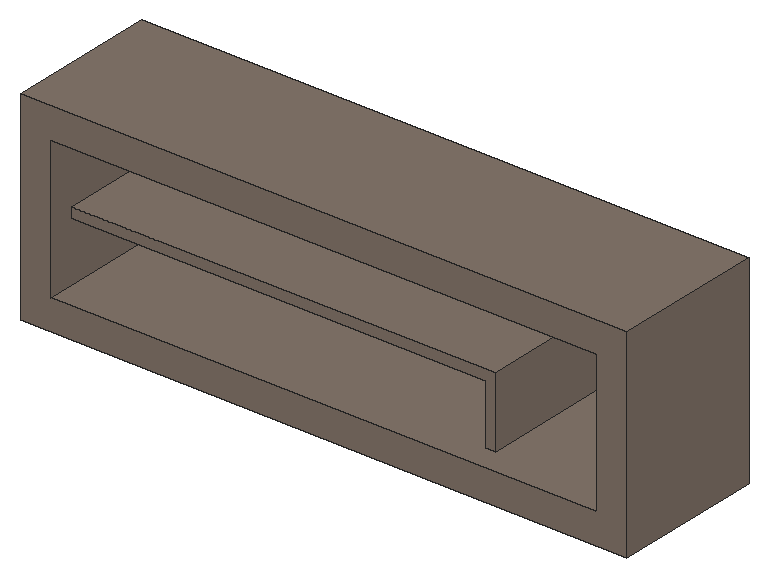
Revit family "Rack moderno 1", category Furniture, Revit 2016
Family settings
  Work Plane-Based = No
  Always vertical = Yes
  Cut with Voids When Loaded = No
  Shared = No
  Room Calculation Point = No
Parameters (values of type "120 x 40 x 50")
  Largura [instance] = 150 cm
  Height = 40 cm
  Leg Height = 6 cm
  Espessura bancada interna = 2 cm
  Width = 120 cm
  Depth = 30 cm
  Estrutura = Wood - Medium Brown
  Acessórios = Wood - Medium Brown
  Keynote = "12490.Z4"
Reference planes (cm)
  plane 1 "Center (Front/Back)": y = 15.52
  plane 2: z = 0
  plane 3 "Center (Left/Right)": x = -4.52
  plane 4 "Left": x = -64.52
  plane 5: x = 55.48
  plane 6: y = 35.52
  plane 7: y = 5.52
  plane 8: z = 40
  plane 9: y = 10.52
Forms (cm)
  Extrusion 1, solid, material "Wood - Medium Brown" <- "Estrutura"
    sketch origin (0, 15.52, 0) x (1, 0, 0) y (0, 0, 1)
      loop
        line (-64.52, 0) -> (55.48, 0) -> (55.48, 40) -> (-64.52, 40) -> (-64.52, 0)
      loop
        line (49.48, 6) -> (49.48, 34) -> (-58.52, 34) -> (-58.52, 6) -> (49.48, 6)
    from -20 to 10
  Extrusion 2, solid, material "Wood - Medium Brown" <- "Acessórios"
    sketch origin (0, 15.52, 0) x (1, 0, 0) y (0, 0, 1)
      loop
        line (-58.52, 20) -> (-58.52, 18) -> (23.48, 18) -> (23.48, 6) -> (25.48, 6) -> (25.48, 20) -> (-58.52, 20)
    from -20 to 5
Lines and regions (cm)
  Masking region 1
    outline origin (0, 0, 0) x (1, 0, 0) y (0, 1, 0)
      loop
        line (-64.52, 35.52) -> (-64.52, 5.52) -> (55.48, 5.52) -> (55.48, 35.52) -> (-64.52, 35.52)
Dimensions and locks (cm)
  "Leg Height": Extrusion 1 sketch curve to Extrusion 1 sketch curve  (x4)
  "Height": plane 8 to level
  "Width": plane 5 to plane 4 "Left"
  equal spacing: plane 5, plane 3 "Center (Left/Right)", plane 4 "Left"
  locked: Extrusion 2 sketch curve to Extrusion 2 sketch curve at 2  (x2)
  equal spacing: plane 5, Extrusion 2 sketch curve, plane 3 "Center (Left/Right)"
  equal spacing: Extrusion 1, Extrusion 2 sketch curve, Extrusion 1
  locked: plane 7 to plane 9 at 5
  "Depth": plane 7 to plane 6
  aligned and locked: Extrusion 1 sketch curve to plane 4 "Left"
  aligned and locked: plane 5 to Extrusion 1 sketch curve
  aligned and locked: Extrusion 1 sketch curve to level
  aligned and locked: plane 8 to Extrusion 1
  aligned and locked: plane 5 to Extrusion 1
  aligned and locked: Extrusion 1 to plane 4 "Left"
  aligned and locked: Extrusion 1 to plane 6
  aligned and locked: plane 7 to Extrusion 1
  aligned and locked: Extrusion 2 sketch curve to Extrusion 1
  aligned and locked: Extrusion 1 to Extrusion 2 sketch curve
  aligned and locked: Extrusion 1 to Extrusion 2
  aligned and locked: Extrusion 2 to plane 9
Automatic sketch dimensions
  Masking region 1 sketch curve to plane 4 "Left" = 0 cm
  Masking region 1 sketch curve to plane 5 = 0 cm
  Masking region 1 sketch curve to plane 7 = 0 cm
  Masking region 1 sketch curve to plane 6 = 0 cm
  Extrusion 1 sketch curve to plane 8 = 0 cm
